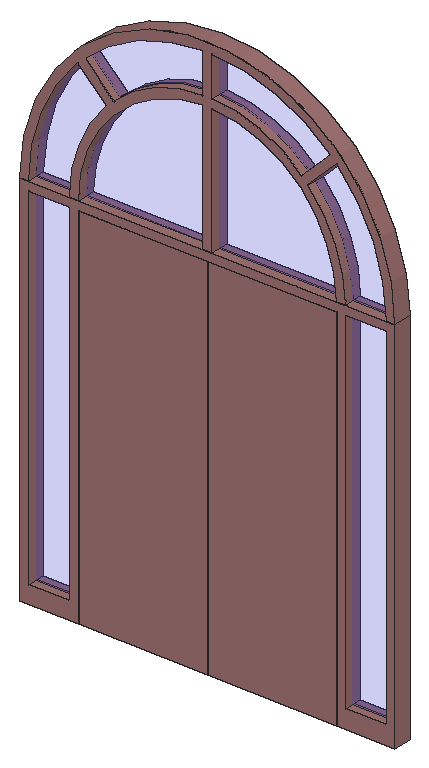
Revit family "DAL_A3-fd1", category Doors, host Wall, Revit 2016
Family settings
  Host = Wall
  Always vertical = Yes
  Cut with Voids When Loaded = No
  Shared = No
  Room Calculation Point = No
Parameters (values of type "Double Door")
  panelwidth = 722 mm
  glass = Glass
  frame = front frame
  door = frontdoor
  Function = Interior
  Frame Projection Ext. = 25 mm
  Frame Projection Int. = 25 mm
  Frame Width = 75 mm
  Height = 2125 mm
  Wall Closure = By host
  Width = 2100 mm
  Description = "fd1 STANDARD PECANWOOD FRONT DOOR. WITH ARCHED TOP."
Reference planes
  plane 1: y = 0
  plane 2 "Center (Left/Right)": x = 0
  plane 3 "Left": x = -1050
  plane 4 "Right": x = 1050
  plane 5: z = 2125
  plane 6 "Exterior": y = 75
  plane 7 "Interior": y = -75
  plane 8: x = 722
  plane 9: y = 50
  plane 10: y = -50
  plane 11: y = 5
  plane 12: y = -5
  plane 13: x = 722
  plane 14: x = -722
Forms (mm)
  Extrusion 1, solid, material "front frame"
    sketch origin (0, 75, 0) x (1, 0, 0) y (0, 0, 1)
      loop
        line (1050, 2125) -> (-1050, 2125) -> (-1050, 0) -> (-722, 0) -> (-722, 2075) -> (722, 2075) -> (722, 0) -> (1050, 0) -> (1050, 2125)
      loop
        line (772, 2075) -> (772, 100) -> (1000, 100) -> (1000, 2075) -> (772, 2075)
      loop
        line (-772, 100) -> (-772, 2075) -> (-1000, 2075) -> (-1000, 100) -> (-772, 100)
    from 25 to 125
  Extrusion 2, solid, material "frontdoor"
    sketch origin (0, 75, 0) x (1, 0, 0) y (0, 0, 1)
      loop
        line (722, 2075) -> (0, 2075) -> (0, 0) -> (722, 0) -> (722, 2075)
    from 75 to 125
  Extrusion 3, solid, material "frontdoor"
    sketch origin (0, 75, 0) x (-1, 0, 0) y (0, 0, -1)
      loop
        line (722, -2075) -> (722, 0) -> (0, 0) -> (0, -2075) -> (722, -2075)
    from 75 to 125
  Extrusion 4, solid, material "front frame"
    sketch origin (0, 75, 0) x (1, 0, 0) y (0, 0, 1)
      loop
        line (1000, 2125) -> (1050, 2125)
        arc (1050, 2125) -> (0, 3175) -> (-1050, 2125) r 1050
        line (-1050, 2125) -> (-1000, 2125)
        arc (-1000, 2125) -> (-928.591, 2496.104) -> (-724.563, 2814.208) r 1000
        line (-724.563, 2814.208) -> (-563.278, 2652.922)
        arc (-563.278, 2652.922) -> (-717.926, 2408.843) -> (-772, 2125) r 772
        line (-772, 2125) -> (-722, 2125)
        arc (-722, 2125) -> (-519.295, 2626.614) -> (-25, 2846.567) r 722
        line (-25, 2846.567) -> (-25, 2125) -> (25, 2125) -> (25, 2846.567)
        arc (25, 2846.567) -> (519.295, 2626.614) -> (722, 2125) r 722
        line (722, 2125) -> (772, 2125)
        arc (772, 2125) -> (717.926, 2408.843) -> (563.278, 2652.922) r 772
        line (563.278, 2652.922) -> (724.563, 2814.208)
        arc (724.563, 2814.208) -> (928.591, 2496.104) -> (1000, 2125) r 1000
      loop
        line (25, 3124.687) -> (25, 2896.595)
        arc (25, 2896.595) -> (295.432, 2838.235) -> (527.922, 2688.278) r 772
        line (527.922, 2688.278) -> (689.208, 2849.563)
        arc (689.208, 2849.563) -> (382.683, 3048.88) -> (25, 3124.687) r 1000
      loop
        arc (-25, 3124.687) -> (-382.683, 3048.88) -> (-689.208, 2849.563) r 1000
        line (-689.208, 2849.563) -> (-527.922, 2688.278)
        arc (-527.922, 2688.278) -> (-295.432, 2838.235) -> (-25, 2896.595) r 772
        line (-25, 2896.595) -> (-25, 3124.687)
    from 25 to 125
  Extrusion 5, solid, material "Glass"
    sketch origin (0, 75, 0) x (1, 0, 0) y (0, 0, 1)
      loop
        line (1000, 2075) -> (772, 2075) -> (772, 100) -> (1000, 100) -> (1000, 2075)
      loop
        line (-772, 100) -> (-772, 2075) -> (-1000, 2075) -> (-1000, 100) -> (-772, 100)
    from 70 to 80
  Extrusion 6, solid, material "Glass"
    sketch origin (0, 75, 0) x (1, 0, 0) y (0, 0, 1)
      loop
        line (724.563, 2814.208) -> (563.278, 2652.922)
        arc (563.278, 2652.922) -> (717.926, 2408.843) -> (772, 2125) r 772
        line (772, 2125) -> (1000, 2125)
        arc (1000, 2125) -> (928.591, 2496.104) -> (724.563, 2814.208) r 1000
      loop
        arc (722, 2125) -> (519.295, 2626.614) -> (25, 2846.567) r 722
        line (25, 2846.567) -> (25, 2125) -> (722, 2125)
      loop
        line (-25, 2125) -> (-25, 2846.567)
        arc (-25, 2846.567) -> (-519.295, 2626.614) -> (-722, 2125) r 722
        line (-722, 2125) -> (-25, 2125)
      loop
        arc (-772, 2125) -> (-717.926, 2408.843) -> (-563.278, 2652.922) r 772
        line (-563.278, 2652.922) -> (-724.563, 2814.208)
        arc (-724.563, 2814.208) -> (-928.591, 2496.104) -> (-1000, 2125) r 1000
        line (-1000, 2125) -> (-772, 2125)
      loop
        arc (689.208, 2849.563) -> (382.683, 3048.88) -> (25, 3124.687) r 1000
        line (25, 3124.687) -> (25, 2896.595)
        arc (25, 2896.595) -> (295.432, 2838.235) -> (527.922, 2688.278) r 772
        line (527.922, 2688.278) -> (689.208, 2849.563)
      loop
        arc (-25, 3124.687) -> (-382.683, 3048.88) -> (-689.208, 2849.563) r 1000
        line (-689.208, 2849.563) -> (-527.922, 2688.278)
        arc (-527.922, 2688.278) -> (-295.432, 2838.235) -> (-25, 2896.595) r 772
        line (-25, 2896.595) -> (-25, 3124.687)
    from 70 to 80
Lines and regions (mm)
  Opening 1
    outline origin (-3050, -75, 0) x (1, 0, 0) y (0, 0, 1)
      loop
        line (2000, 0) -> (4100, 0) -> (4100, 2125)
        arc (4100, 2125) -> (3050, 3175) -> (2000, 2125) r 1050
        line (2000, 2125) -> (2000, 0)
  symbolic lines, style "Plan Swing"
    curve 1: line (-722, -50, 0) -> (-682, -50, 0)
    curve 2: line (-722, -732, 0) -> (-722, -50, 0)
    curve 3: line (-682, -732, 0) -> (-722, -732, 0)
    curve 4: line (-682, -50, 0) -> (-682, -732, 0)
    curve 5: arc (0, -50, 0) -> (-199.753, -532.247, 0) -> (-682, -732, 0) r 682
    curve 6: line (722, -50, 0) -> (682, -50, 0)
    curve 7: line (722, -732, 0) -> (722, -50, 0)
    curve 8: line (682, -732, 0) -> (722, -732, 0)
    curve 9: line (682, -50, 0) -> (682, -732, 0)
    curve 10: arc (0, -50, 0) -> (199.753, -532.247, 0) -> (682, -732, 0) r 682
Text (mm)
  text "Exterior" at (-2295.016, 1099.543, 0), in view "Ref. Level"
  text "Exterior" at (0, 1615.38, 3698.081), in view "Left"
  text "Exterior" at (0, 1036.032, 3874.932), in view "Right"
Dimensions and locks
  equal spacing: plane 3 "Left", plane 2 "Center (Left/Right)", plane 4 "Right"
  "Width": plane 3 "Left" to plane 4 "Right"
  "Height": plane 5 to host wall
  host wall to plane 5 = 2125 mm  (x2)
  locked: plane 6 "Exterior" to host wall at 0
  locked: plane 7 "Interior" to host wall
  plane 3 "Left" to plane 14 to plane 8 to plane 4 "Right" = 328 mm, 1444 mm, 328 mm
  equal spacing: plane 7 "Interior", host wall, plane 6 "Exterior"
  plane 10 to host wall to plane 9 = 50 mm locked, 50 mm locked
  locked: plane 12 to host wall at 5
  locked: host wall to plane 11 at 5
  aligned and locked: plane 3 "Left" to Opening 1 sketch curve
  aligned and locked: Opening 1 sketch curve to plane 4 "Right"
  aligned and locked: Opening 1 sketch curve to level
  aligned and locked: plane 1 to host wall
  aligned and locked: host wall to Extrusion 1 sketch curve
  aligned and locked: Extrusion 1 sketch curve to host wall  (x3)
  aligned and locked: level to Extrusion 1 sketch curve
  aligned and locked: plane 8 to Extrusion 1 sketch curve
  aligned and locked: plane 10 to Extrusion 1
  aligned and locked: Extrusion 1 to plane 9
  aligned and locked: Extrusion 1 to Extrusion 2 sketch curve
  aligned and locked: Extrusion 2 sketch curve to Extrusion 1
  aligned and locked: level to Extrusion 2 sketch curve
  aligned and locked: Extrusion 2 sketch curve to plane 2 "Center (Left/Right)"
  aligned and locked: Extrusion 2 to host wall
  aligned and locked: plane 10 to Extrusion 2
  aligned and locked: Extrusion 1 to Extrusion 4 sketch curve
  aligned and locked: Extrusion 1 to Extrusion 5 sketch curve  (x2)
  aligned and locked: Extrusion 5 sketch curve to Extrusion 1  (x6)
  aligned and locked: Extrusion 5 to plane 11
  aligned and locked: plane 12 to Extrusion 5
  aligned and locked: Extrusion 4 to plane 9
  aligned and locked: plane 10 to Extrusion 4
  aligned and locked: plane 12 to Extrusion 6
  aligned and locked: Extrusion 6 to plane 11
  aligned and locked: Extrusion 1 to Extrusion 5
Automatic sketch dimensions
  Opening 1 sketch curve to plane 5 = 0 mm
  Extrusion 1 sketch curve to plane 8 = 50 mm
  plane 4 "Right" to Extrusion 1 sketch curve = 50 mm
  level to Extrusion 1 sketch curve = 100 mm  (x2)
  plane 5 to Extrusion 1 sketch curve = 50 mm  (x2)
  Extrusion 1 sketch curve to plane 3 "Left" = 50 mm
  Extrusion 1 sketch curve to Extrusion 1 sketch curve = 50 mm  (x2)
  Extrusion 3 sketch curve to plane 2 "Center (Left/Right)" = 0 mm
  Extrusion 3 sketch curve to level = 0 mm
  plane 5 to Extrusion 3 sketch curve = 50 mm
  Extrusion 4 sketch curve to Extrusion 4 sketch curve = 0 mm  (x16)
  Extrusion 4 sketch curve to plane 3 "Left" = 0 mm
  Extrusion 4 sketch curve to plane 2 "Center (Left/Right)" = 0 mm
  Extrusion 4 sketch curve to plane 5 = 0 mm
  Extrusion 4 sketch curve to plane 8 = 0 mm
  Extrusion 4 sketch curve to Extrusion 4 sketch curve = 50 mm  (x3)
  Extrusion 4 sketch curve to Extrusion 4 sketch curve = 35.355 mm  (x7)
  Extrusion 4 sketch curve to plane 2 "Center (Left/Right)" = 25 mm  (x2)
  Extrusion 4 sketch curve to Extrusion 4 sketch curve = 25 mm
  plane 2 "Center (Left/Right)" to Extrusion 4 sketch curve = 25 mm
  plane 8 to Extrusion 4 sketch curve = 194.078 mm
  plane 8 to Extrusion 4 sketch curve = 32.792 mm
  Extrusion 4 sketch curve to plane 8 = 2.563 mm
  Extrusion 4 sketch curve to plane 8 = 50 mm
  Extrusion 6 sketch curve to Extrusion 6 sketch curve = 0 mm  (x16)
  Extrusion 6 sketch curve to plane 5 = 0 mm
  Extrusion 6 sketch curve to plane 2 "Center (Left/Right)" = 0 mm
  Extrusion 6 sketch curve to plane 8 = 0 mm
  Extrusion 6 sketch curve to plane 3 "Left" = 50 mm
  Extrusion 6 sketch curve to Extrusion 6 sketch curve = 35.355 mm  (x7)
  Extrusion 6 sketch curve to plane 2 "Center (Left/Right)" = 25 mm  (x2)
  plane 2 "Center (Left/Right)" to Extrusion 6 sketch curve = 25 mm  (x2)
  plane 8 to Extrusion 6 sketch curve = 194.078 mm
  plane 8 to Extrusion 6 sketch curve = 32.792 mm
  Extrusion 6 sketch curve to plane 8 = 2.563 mm
  Extrusion 6 sketch curve to plane 8 = 50 mm
  plane 4 "Right" to Extrusion 6 sketch curve = 50 mm
  Extrusion 1 sketch curve to Extrusion 1 sketch curve = 228 mm
  Extrusion 3 sketch curve to plane 3 "Left" = 328 mm
  Extrusion 4 sketch curve to Extrusion 4 sketch curve = 228 mm
  Extrusion 4 sketch curve to plane 3 "Left" = 325.437 mm
  Extrusion 4 sketch curve to Extrusion 4 sketch curve = 161.286 mm
  Extrusion 6 sketch curve to Extrusion 6 sketch curve = 228 mm
  Extrusion 6 sketch curve to plane 3 "Left" = 325.437 mm
  Extrusion 6 sketch curve to Extrusion 6 sketch curve = 50 mm
  Extrusion 6 sketch curve to Extrusion 6 sketch curve = 161.286 mm
  curve 1 to plane 10 = 0 mm
  curve 5 to plane 10 = 0 mm
  curve 5 to plane 2 "Center (Left/Right)" = 0 mm
  curve 5 to plane 3 "Left" = 368 mm
  curve 2 to curve 3 = 40 mm
  curve 10 to plane 2 "Center (Left/Right)" = 0 mm
  curve 6 to plane 10 = 0 mm
  curve 10 to plane 10 = 0 mm
  curve 7 to plane 8 = 0 mm
  curve 6 to curve 6 = 40 mm
